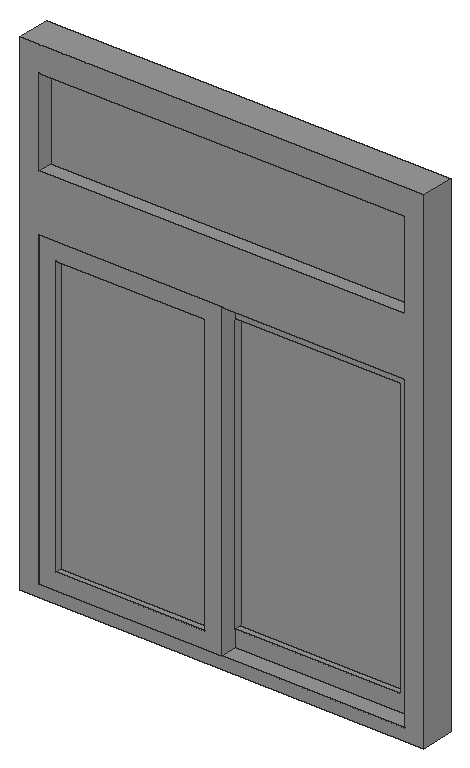
Revit family "Window W2", category Windows, host Wall, Revit 2025
Family settings
  Host = Wall
  OmniClass Number = 23.30.20.00
  OmniClass Title = Windows
  Always vertical = Yes
  Cut with Voids When Loaded = No
  Shared = No
  Room Calculation Point = No
Parameters
  Height = 4' - 0"
  Glass Material = Glass, Clear Glazing, Tempered
  Glass Depth = 0' - 0 1/2"
  Frame Material = Laminate, Black
  Depth = 0' - 4"
  Define Thermal Properties by = Schematic Type
  Default Sill Height = 3' - 0"
  Wall Closure = By host
  Width = 4' - 0"
  Analytic Construction = "<None>"
Reference planes (in)
  plane 1 "Center (Front/Back)": y = 0
  plane 2: z = 0
  plane 3 "Center (Left/Right)": x = 0
  plane 4 "Sill": z = 36
  plane 5 "Top": z = 84
  plane 6 "Exterior": y = 2
  plane 7 "Interior": y = -2
  plane 8: y = 0.25
  plane 9: y = -0.25
Forms (in)
  Extrusion 1, solid, material "Laminate, Black" <- "Frame Material"
    sketch origin (0, 0, 0) x (1, 0, 0) y (0, 0, 1)
      loop
        line (21.75, 74.625) -> (-21.75, 74.625) -> (-21.75, 37.4375) -> (21.75, 37.4375) -> (21.75, 74.625)
      loop
        line (21.75, 92) -> (-21.75, 92) -> (-21.75, 81.5) -> (21.75, 81.5) -> (21.75, 92)
      loop
        line (24, 95) -> (-24, 95) -> (-24, 36) -> (24, 36) -> (24, 95)
    from -2 to 2
  Extrusion 2, solid, material "Glass, Clear Glazing, Tempered" <- "Glass Material"
    sketch origin (0, 0, 0) x (1, 0, 0) y (0, 0, 1)
      loop
        line (21.75, 92) -> (-21.75, 92) -> (-21.75, 81.5) -> (21.75, 81.5) -> (21.75, 92)
    from -0.25 to 0.25
Lines and regions (in)
  Opening 1
    outline origin (-60, -7, 0) x (1, 0, 0) y (0, 0, 1)
      loop
        line (36, 95) -> (36, 36) -> (84, 36) -> (84, 95) -> (36, 95)
  model lines
    curve 1: line (21.75, 2, 74.625) -> (21.75, 2, 81.5)
    curve 2: line (-21.75, 2, 74.625) -> (-21.75, 2, 81.5)
    curve 3: line (21.75, 2, 37.4375) -> (21.75, 2, 36)
    curve 4: line (-21.75, 2, 37.4375) -> (-21.75, 2, 36)
    curve 5: line (-21.75, -2, 81.5) -> (-21.75, -2, 74.625)
    curve 6: line (21.75, -2, 81.5) -> (21.75, -2, 74.625)
    curve 7: line (-21.75, -2, 37.4375) -> (-21.75, -2, 36)
    curve 8: line (21.75, -2, 37.4375) -> (21.75, -2, 36)
Text (in)
  text "EXTERIOR" at (-58.6888, 50.90694, 0), in view "Ref. Level"
  text "INTERIOR" at (-58.6888, -37.76638, 0), in view "Ref. Level"
  text "Exterior" at (0, 43.65631, 123.19604), in view "Left"
  text "Exterior" at (0, 18.29385, 125.04747), in view "Right"
Dimensions and locks (in)
  "Height": plane 4 "Sill" to plane 5 "Top"
  "Default Sill Height": plane 2 to plane 4 "Sill"
  equal spacing: Extrusion 1 sketch curve, plane 3 "Center (Left/Right)", Extrusion 1 sketch curve  (x3)
  "Width": Extrusion 1 sketch curve to Extrusion 1 sketch curve
  Extrusion 1 sketch curve to Extrusion 1 sketch curve = 0' - 2 1/4"  (x2)
  plane 4 "Sill" to Extrusion 1 sketch curve = 4' - 11"
  Extrusion 1 sketch curve to Extrusion 1 sketch curve = 0' - 3"  (x2)
  plane 4 "Sill" to Extrusion 1 sketch curve = 0' - 1 7/16"
  Extrusion 1 sketch curve to Extrusion 1 sketch curve = 3' - 1 3/16"  (x2)
  Extrusion 1 sketch curve to Extrusion 1 sketch curve = 0' - 6 7/8"
  equal spacing: plane 6 "Exterior", plane 1 "Center (Front/Back)", plane 7 "Interior"
  "Depth": plane 6 "Exterior" to plane 7 "Interior"
  equal spacing: host wall, plane 1 "Center (Front/Back)", host wall
  equal spacing: plane 8, plane 1 "Center (Front/Back)", plane 9
  "Glass Depth": plane 8 to plane 9
  host wall to host wall = 4' - 0"
  Extrusion 1 to host wall = 0' - 2 1/4"
  aligned and locked: plane 4 "Sill" to Opening 1 sketch curve  (x2)
  aligned and locked: level to plane 2
  aligned and locked: Extrusion 1 sketch curve to plane 4 "Sill"
  aligned and locked: Extrusion 1 to plane 7 "Interior"
  aligned and locked: plane 6 "Exterior" to Extrusion 1
  aligned and locked: Extrusion 1 to Opening 1 sketch curve  (x2)
  aligned and locked: Opening 1 sketch curve to Extrusion 1
  aligned and locked: plane 8 to Extrusion 2
  aligned and locked: Extrusion 2 to plane 9
  aligned and locked: Extrusion 2 sketch curve to Extrusion 1  (x2)
Automatic sketch dimensions
  Extrusion 2 sketch curve to plane 5 "Top" = 0' - 8"
  plane 5 "Top" to Extrusion 2 sketch curve = 0' - 2 1/2"
  curve 3 to plane 4 "Sill" = 0' - 0"
  curve 4 to plane 4 "Sill" = 0' - 0"
  plane 5 "Top" to curve 1 = 0' - 2 1/2"
  plane 3 "Center (Left/Right)" to curve 1 = 1' - 9 3/4"
  plane 3 "Center (Left/Right)" to curve 3 = 1' - 9 3/4"
  plane 5 "Top" to curve 2 = 0' - 2 1/2"
  curve 2 to plane 3 "Center (Left/Right)" = 1' - 9 3/4"
  curve 4 to plane 4 "Sill" = 0' - 1 7/16"
  curve 4 to plane 3 "Center (Left/Right)" = 1' - 9 3/4"
  curve 3 to plane 4 "Sill" = 0' - 1 7/16"
  curve 2 to curve 2 = 0' - 6 7/8"
  curve 1 to curve 1 = 0' - 6 7/8"
  curve 8 to plane 4 "Sill" = 0' - 0"
  curve 7 to plane 4 "Sill" = 0' - 0"
  curve 8 to plane 4 "Sill" = 0' - 1 7/16"
  plane 3 "Center (Left/Right)" to curve 8 = 1' - 9 3/4"
  plane 5 "Top" to curve 6 = 0' - 2 1/2"
  plane 3 "Center (Left/Right)" to curve 6 = 1' - 9 3/4"
  curve 7 to plane 3 "Center (Left/Right)" = 1' - 9 3/4"
  plane 5 "Top" to curve 5 = 0' - 9 3/8"
  curve 5 to plane 3 "Center (Left/Right)" = 1' - 9 3/4"
  curve 7 to plane 4 "Sill" = 0' - 1 7/16"
  curve 6 to curve 6 = 0' - 6 7/8"
  plane 5 "Top" to curve 5 = 0' - 2 1/2"
Nested families (in)
  nested 1: "Window" at (-10.875, -1, 37.4375), type "B"
  nested 2: "Window" at (9.875, 1, 37.4375), type "A"
Definition of nested family "Window"
  Parameters (values of type "B")
    Width = Inner Width + (Frame Size * 2)  # 1' - 9 3/4"
    Inner Width = 1' - 5 3/4"
    Glass Material = none
    Glass Depth = 0' - 0 1/2"
    Frame Size = 0' - 2"  # constant formula
    Frame Material = none
    Depth = 0' - 2"
    Default Elevation = 0' - 0"
  Types (2): name | Width | Inner Width
    A | 1' - 11 3/4" | 1' - 7 3/4"
    B | 1' - 9 3/4" | 1' - 5 3/4"
  Reference planes (in)
    plane 1 "Center (Front/Back)": y = 0
    plane 2: z = 0
    plane 3 "Center (Left/Right)": x = 0
    plane 4: y = 1
    plane 5: y = -1
    plane 6: y = 0.25
    plane 7: y = -0.25
  Forms (in)
    Extrusion 1, solid, material <- "Frame Material"
      sketch origin (0, 0, 0) x (1, 0, 0) y (0, 0, 1)
        loop
          line (-10.875, 37.1875) -> (-10.875, 0) -> (10.875, 0) -> (10.875, 37.1875) -> (-10.875, 37.1875)
        loop
          line (8.875, 35.1875) -> (-8.875, 35.1875) -> (-8.875, 2) -> (8.875, 2) -> (8.875, 35.1875)
      from -1 to 1
    Extrusion 2, solid, material <- "Glass Material"
      sketch origin (0, 0, 0) x (1, 0, 0) y (0, 0, 1)
        loop
          line (-8.875, 35.1875) -> (-8.875, 2) -> (8.875, 2) -> (8.875, 35.1875) -> (-8.875, 35.1875)
      from -0.25 to 0.25
  Lines and regions (in)
    symbolic lines
      curve 1: line (-8.875, 1, 0) -> (-8.34984, 0.25, 0)
      curve 2: line (-8.875, -1, 0) -> (-8.34984, -0.25, 0)
      curve 3: line (8.875, 1, 0) -> (8.34984, 0.25, 0)
      curve 4: line (8.875, -1, 0) -> (8.34984, -0.25, 0)
  Dimensions and locks (in)
    Extrusion 1 sketch curve to plane 2 = 3' - 1 3/16"
    equal spacing: plane 4, plane 1 "Center (Front/Back)", plane 5
    "Depth": plane 4 to plane 5
    equal spacing: plane 6, plane 1 "Center (Front/Back)", plane 7
    "Glass Depth": plane 6 to plane 7
    equal spacing: Extrusion 1 sketch curve, plane 3 "Center (Left/Right)", Extrusion 1 sketch curve  (x2)
    "Inner Width": Extrusion 1 sketch curve to Extrusion 1 sketch curve
    "Width": Extrusion 1 sketch curve to Extrusion 1 sketch curve
    "Frame Size": Extrusion 1 sketch curve to Extrusion 1 sketch curve  (x2)
    Extrusion 1 to curve 1 = 0' - 0"
    Extrusion 1 to curve 2 = 0' - 0"
    curve 3 to Extrusion 1 = 0' - 0"
    curve 4 to Extrusion 1 = 0' - 0"
    aligned and locked: plane 2 to level
    aligned and locked: Extrusion 1 to plane 5
    aligned and locked: plane 4 to Extrusion 1
    aligned and locked: Extrusion 2 to plane 7
    aligned and locked: plane 6 to Extrusion 2
    aligned and locked: Extrusion 1 to Extrusion 2 sketch curve  (x2)
    aligned and locked: Extrusion 2 sketch curve to Extrusion 1  (x2)
  Automatic sketch dimensions
    curve 2 to plane 7 = 0' - 0"
    curve 1 to plane 6 = 0' - 0"
    curve 3 to plane 6 = 0' - 0"
    curve 4 to plane 7 = 0' - 0"
    curve 4 to plane 5 = 0' - 0"
    curve 3 to plane 4 = 0' - 0"
    curve 2 to plane 5 = 0' - 0"
    curve 1 to plane 4 = 0' - 0"
    curve 2 to curve 2 = 0' - 0.52516"
    curve 1 to curve 2 = 0' - 0"
    curve 4 to curve 4 = 0' - 0.52516"
    curve 3 to curve 3 = 0' - 0.52516"
    Extrusion 1 sketch curve to level = 0' - 0"
